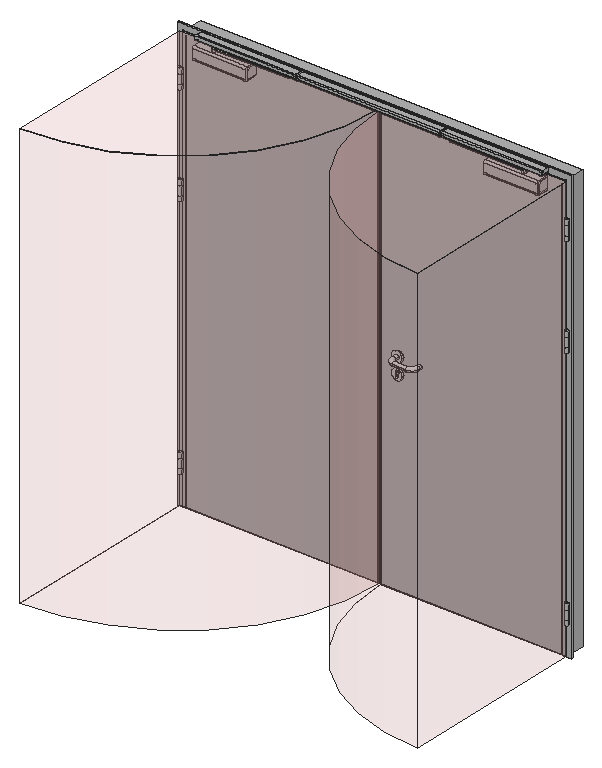
Revit family "ASSA ABLOY - ALPE Sp 30-2, double-leaf, angular frame", category Doors, host Wall, Revit 2021
Family settings
  Host = Wall
  OmniClass Number = 23.30.10.00
  OmniClass Title = Doors
  Always vertical = Yes
  Cut with Voids When Loaded = No
  Shared = No
  Room Calculation Point = No
Parameters (values of type "1800 x 2100 (1920 x 2140)")
  URL = "https://www.assaabloy.com/pl/pl"
  Type Comments = "Door leaf made of two pressed galvanised steel sheets 1,25mm thick. Filled with mineral wool glued to the sheets with polyurethane adhesive. Door with 3-sided thin rebate."
  Rough Width Real = Width Round + Rough Width Conversion + Rough Width Adjustment  # 1911.500 mm
  Rough Height Real = Height Round + Rough Height Conversion + Rough Height Adjustment  # 2134.000 mm
  Rough Width Conversion = 111.500 mm  # constant formula
  Rough Width Adjustment = 0.000 mm  # constant formula
  Rough Height Conversion = 34.000 mm  # constant formula
  Rough Height Adjustment = 0.000 mm  # constant formula
  Passive Symbol Radius [instance] = Passive Leaf Width + 13.500 mm  # 1001.000 mm
  Passive Leaf Width [instance] = Rough Width Real - Middle Post - 4.000 mm  # 987.500 mm
  Panic device Visibility [instance] = and(Active Leaf Width > 899.000 mm, Active Leaf Width < 1351.000 mm)  # yes
  Panic device Length [instance] = Middle Post - 227.000 mm  # 693.000 mm
  Opening Zone [instance] = yes
  Model = "Doorset_Steel door NFR or EI30, evacuation (EN 1125) - active leaf_ASSA ABLOY Opening Solutions_Hardware 3D"
  Middle Post [instance] = Active Leaf Clear Passage Width + 120.000 mm  # 920.000 mm
  Hinges Material = Default steel
  Handle Visibility [instance] = not(Panic device Visibility)  # no
  Handle Height = if(Height < 1300.000 mm, Height - 280.000 mm, 1055.000 mm)  # 1055.000 mm
  HW Item 9 = "1x TL0151BS: round rosette PZPZ, stainless steel_ASSA ABLOY"
  HW Item 8 = "1x TL4106SS: U-shape handle on round rosette, class 4 (EN1906), stainless steel_ASSA ABLOY"
  HW Item 10 = "1x 206253: Vercy door stopper, max 120 kg_ASSA ABLOY (option)"
  Guide Rail Length = Rough Width - 1194.300 mm  # 725.700 mm
  Frame Finish [instance] = ""
  Fire Rating NFR (0) = [Fire Rating - Set Value] = 0  # yes
  Fire Rating EI30 (1) = [Fire Rating - Set Value] = 1  # no
  Fire Rating - Set Value = 0
  Fire Rating = if([Fire Rating NFR (0)], "NFR", if([Fire Rating EI30 (1)], "EI30", "0"))  # "NFR"
  Width Round = roundup((Width / 5.000 mm)) * 5.000 mm  # 1800.000 mm
  Thickness = 54.000 mm  # constant formula
  Smoke Rating = "Sa, S200 (optional)"
  Rough Width = Width Round + 8.500 mm + Rough Width Conversion + Rough Width Adjustment  # 1920.000 mm
  Rough Height = Height Round + 6.000 mm + Rough Height Conversion + Rough Height Adjustment  # 2140.000 mm
  Readme = "The actual lintel height is consistent with the Rough Height parameter.\r\nThe final HW Set should be consistent with the function of the door and its  parameters.\r\nHardware mounted on door surface may affect the clear passage opening. For verification, please contact the specification department.\r\nFor the corner door frame installed in a steel structure and plasterboard walls, add 3 cm per each leaf to the width of the Rough Width opening.\r\nIf you would like to change panic device to another one, please contact the specification team to verify opening and new solution compatibility."
  Provider = "ASSA ABLOY Opening Solutions"
  Product Group = "Double-Steel-Evacuation (EN 1125)"
  Name = "Steel door NFR or EI30, evacuation (EN 1125) - active leaf"
  Min Door Width = 1250.000 mm
  Min Door Height = 2000.000 mm
  Mechanical Strength = 4
  Max Door Width = 2440.000 mm
  Max Door Height = 2500.000 mm
  Manufacturer = "ASSA ABLOY"  # constant formula
  IfcExportType = "USERDEFINED"
  IfcExportAs = "IfcDoorType"
  Height Round = roundup((Height / 5.000 mm)) * 5.000 mm  # 2100.000 mm
  Hardware Set = "2.9PL"
  HW Item 7 = "1x N2000: One System panic device (EN1125), type A (crossbar)_ASSA ABLOY"
  HW Item 6 = "1x SK6 Radius: euro profile cylinder_IKON"
  HW Item 5 = "1x N4572: central semi-automatic flush bolt _Corni (passive leaf)"
  HW Item 4 = "1x N11xx: mechanical, panic mortice lockcase_ASSA ABLOY"
  HW Item 3 = "2x A153: mechanical opening damper_ASSA ABLOY (option)"
  HW Item 2 = "1x G461: guide rail with integrated coordinator_ASSA ABLOY"
  HW Item 1 = "2x DC700/ DC500: door closer, Cam-Motion®_ASSA ABLOY"
  Function = Interior
  Height = 2100.000 mm
  Wall Closure = By host
  Width = 1800.000 mm
  Frame Type = "Welded steel corner frame, made of galvanised sheet 1,5mm thick."
  Frame Material = Default steel
  Family name = "2.9_DOORSET_ALPE Sp 30-2_DOUBLE-LEAF_CORNER FRAME_ASSA ABLOY PL"
  Environmental Product Declaration (EPD) = "To be confirmed with Provider"  # constant formula
  Environmental Management System = "To be confirmed with Provider"  # constant formula
  Edition number = "1"
  Door closer and Coordinator Visibility = and(Rough Width + 22.200 mm > 1350.000 mm, Rough Width + 22.200 mm < 3200.000 mm)  # yes
  Door Type = "ALPE Sp 30-2"
  Door Material = Default steel
  Door Finish Push Side [instance] = ""
  Door Finish Pull Side [instance] = ""
  Description = "ALPE Sp 30-2, door leaf made of two pressed galvanised steel sheets 1,25mm thick. Filled with mineral wool glued to the sheets with polyurethane adhesive. Door with 3-sided thin rebate. Stainless steel hinges with 3D regulation. Mechanical durability – class C5 according to PN-EN 16034:2014. Mechanical strength – class 4 according to PN-EN 1192:2001. Welded steel corner frame, made of galvanised sheet 1,5mm thick."
  Date of publishing = ""
  Contact Provider = "https://www.assaabloy.com/pl/pl/solutions/topics/bim-specification/contact"
  Brand = "ASSA ABLOY Mercor Doors Sp. z o. o."  # constant formula
  Author = "www.archispace.pl"
  Active Symbol Radius [instance] = Active Leaf Width + 13.500 mm  # 929.500 mm
  Active Leaf Width [instance] = Middle Post - 4.000 mm  # 916.000 mm
  Active Leaf Clear Passage Width = 800.000 mm
Reference planes
  plane 1: y = 0
  plane 2 "Center (Left/Right)": x = 0
  plane 3: z = 2134
  plane 4 "Exterior": y = 120
  plane 5 "Interior": y = -120
  plane 6: x = -955.75
  plane 7: x = 955.75
  plane 8: z = 2100
  plane 9: y = -129
  plane 10: x = 35.75
  plane 11: y = -74
  plane 12: y = -60
  plane 13: y = -22
  plane 14: y = -24.5
  plane 15: z = 2117
  plane 16: x = 938.35
  plane 17: x = -938.35
  plane 18: x = 921.75
  plane 19: x = -921.75
  plane 20: x = 17.05
  plane 21: x = 54.45
  plane 22: y = -137
  plane 23: x = -966.85
  plane 24: x = 966.85
  plane 25: z = 5
  plane 26: x = -960
  plane 27: x = 960
  plane 28: z = 2140
  plane 29: z = 2133
  plane 30: x = 119.45
  plane 31: z = 1055
  plane 32: x = -362.85
  plane 33: x = 362.85
  plane 34: z = 152.5
  plane 35: z = 176.5
  plane 36: z = 178
  plane 37: z = 222
  plane 38: z = 223.5
  plane 39: z = 247.5
  plane 40: z = 200
  plane 41: z = 1874.5
  plane 42: z = 1898.5
  plane 43: z = 1900
  plane 44: z = 1944
  plane 45: z = 1945.5
  plane 46: z = 1969.5
  plane 47: z = 1922
  plane 48: z = 1374.5
  plane 49: z = 1398.5
  plane 50: z = 1400
  plane 51: z = 1444
  plane 52: z = 1445.5
  plane 53: z = 1469.5
  plane 54: z = 1422
Forms (mm)
  Sweep 1, solid, material "Default steel" <- "Frame Material"
    path origin (0, -120, 0) x (1, 0, 0) y (0, 0, 1)
      loop
        line (-955.75, 0) -> (-955.75, 2134) -> (955.75, 2134) -> (955.75, 0)
    profile origin (-955.75, -120, 1067) x (-1, 0, 0) y (0, -1, 0)
      loop
        line (30, 0) -> (30, 9) -> (-12, 9) -> (-12, -60) -> (-19, -60) -> (-19, -46) -> (-34, -46) -> (-34, -98) -> (-8, -98) -> (-8, -95.5) -> (0, -95.5) -> (0, 0) -> (30, 0)
  Sweep 2, solid, material "Default steel" <- "Door Material"
    path origin (-5000, -120, 0) x (1, 0, 0) y (0, 0, 1)
      loop
        line (4061.65, 5) -> (4061.65, 2116.6) -> (5014.05, 2116.6) -> (5014.05, 5)
    profile origin (-462.15, -120, 2116.6) x (0, 0, 1) y (0, -1, 0)
      loop
        line (0, 12.4) -> (0, 10) -> (19, 10) -> (19, 12.4) -> (0, 12.4)
  Sweep 3, solid, material "Default steel" <- "Door Material"
    path origin (0, -120, 0) x (1, 0, 0) y (0, 0, 1)
      loop
        line (0, 5) -> (0, 2116.6)
    profile origin (0, -120, 1060.8) x (-1, 0, 0) y (0, -1, 0)
      loop
        line (938.35, -41.6) -> (938.35, 12.4) -> (-17.05, 12.4) -> (-17.05, -41.6) -> (938.35, -41.6)
  Sweep 4, solid, material "Opening zone", visible <- "Opening Zone"
    path origin (-5600, 0, 0) x (-1, 0, 0) y (0, 0, 1)
      loop
        line (-5600, 5) -> (-5600, 2133)
    profile origin (0, 0, 1069) x (1, 0, 0) y (0, 1, 0)
      loop
        line (-966.85, -137) -> (-966.85, -1138)
        arc (-966.85, -1138) -> (-259.036, -844.814) -> (34.15, -137) r 1001
        line (34.15, -137) -> (-966.85, -137)
  Sweep 5, solid, material "Default steel" <- "Frame Material"
    path origin (0, -120, 0) x (1, 0, 0) y (0, 0, 1)
      loop
        line (35.75, 5) -> (35.75, 2100)
    profile origin (35.75, -120, 1052.5) x (-1, 0, 0) y (0, -1, 0)
      loop
        line (18.7, 10) -> (6, 10) -> (-2, 7) -> (-13.3, 7) -> (-13.3, -43.2) -> (-20.8, -43.2) -> (-20.8, -54) -> (-35.8, -54) -> (-35.8, -43.2) -> (-38.3, -43.2) -> (-38.3, -57.6) -> (31.7, -57.6) -> (31.7, -41.6) -> (18.7, -41.6) -> (18.7, 10)
  Sweep 6, solid, material "Default steel" <- "Door Material"
    path origin (-4260, -120, 0) x (1, 0, 0) y (0, 0, 1)
      loop
        line (4317.45, 5) -> (4317.45, 2116.6) -> (5198.35, 2116.6) -> (5198.35, 5)
    profile origin (497.9, -120, 2116.6) x (0, 0, 1) y (0, -1, 0)
      loop
        line (0, 12.4) -> (0, 10) -> (19, 10) -> (19, 12.4) -> (0, 12.4)
  Sweep 7, solid, material "Default steel" <- "Door Material"
    path origin (740, -120, 0) x (1, 0, 0) y (0, 0, 1)
      loop
        line (-704.25, 5) -> (-704.25, 2116.6)
    profile origin (35.75, -120, 1060.8) x (-1, 0, 0) y (0, -1, 0)
      loop
        line (-902.6, -41.6) -> (-18.7, -41.6) -> (-18.7, 12.4) -> (-902.6, 12.4) -> (-902.6, -41.6)
  Sweep 8, solid, material "Opening zone", visible <- "Opening Zone"
    path origin (5600, 0, 0) x (1, 0, 0) y (0, 0, -1)
      loop
        line (-5600, -5) -> (-5600, -2133)
    profile origin (0, 0, 1069) x (1, 0, 0) y (0, 1, 0)
      loop
        line (966.85, -137) -> (37.35, -137)
        arc (37.35, -137) -> (309.594, -794.256) -> (966.85, -1066.5) r 929.5
        line (966.85, -1066.5) -> (966.85, -137)
  Sweep 9, solid, material "Default steel" <- "Hinges Material", detail levels fine
    path origin (-1265.65, -137, -600) x (-1, 0, 0) y (0, 0, 1)
      loop
        line (-2232.5, 776.5) -> (-2232.5, 752.5)
    profile origin (966.85, -137, 164.5) x (0, 1, 0) y (-1, 0, 0)
      loop
        circle (0, 0) r 9.5
  Sweep 10, solid, material "Default steel" <- "Hinges Material", detail levels fine
    path origin (-1265.65, -137, -600) x (-1, 0, 0) y (0, 0, 1)
      loop
        line (-2232.5, 847.5) -> (-2232.5, 823.5)
    profile origin (966.85, -137, 235.5) x (0, 1, 0) y (-1, 0, 0)
      loop
        circle (0, 0) r 9.5
  Sweep 11, solid, material "Default steel" <- "Hinges Material", detail levels fine
    path origin (-1265.65, -137, -600) x (-1, 0, 0) y (0, 0, 1)
      loop
        line (-2232.5, 822) -> (-2232.5, 778)
    profile origin (966.85, -137, 200) x (0, 1, 0) y (-1, 0, 0)
      loop
        circle (0, 0) r 9.5
  Sweep 12, solid, material "Default steel" <- "Hinges Material", detail levels fine
    path origin (-1265.65, -137, -600) x (-1, 0, 0) y (0, 0, 1)
      loop
        line (-2232.5, 823.5) -> (-2232.5, 822)
    profile origin (966.85, -137, 222.75) x (0, 1, 0) y (-1, 0, 0)
      loop
        circle (0, 0) r 6
  Sweep 13, solid, material "Default steel" <- "Hinges Material", detail levels fine
    path origin (-1265.65, -137, -600) x (-1, 0, 0) y (0, 0, 1)
      loop
        line (-2232.5, 778) -> (-2232.5, 776.5)
    profile origin (966.85, -137, 177.25) x (0, 1, 0) y (-1, 0, 0)
      loop
        circle (0, 0) r 6
  Sweep 14, solid, material "Default steel" <- "Hinges Material", detail levels fine
    path origin (-1265.65, -137, 1072.809) x (-1, 0, 0) y (0, 0, 1)
      loop
        line (-2232.5, 825.691) -> (-2232.5, 801.691)
    profile origin (966.85, -137, 1886.5) x (0, 1, 0) y (-1, 0, 0)
      loop
        circle (0, 0) r 9.5
  Sweep 15, solid, material "Default steel" <- "Hinges Material", detail levels fine
    path origin (-1265.65, -137, 1072.809) x (-1, 0, 0) y (0, 0, 1)
      loop
        line (-2232.5, 896.691) -> (-2232.5, 872.691)
    profile origin (966.85, -137, 1957.5) x (0, 1, 0) y (-1, 0, 0)
      loop
        circle (0, 0) r 9.5
  Sweep 16, solid, material "Default steel" <- "Hinges Material", detail levels fine
    path origin (-1265.65, -137, 1072.809) x (-1, 0, 0) y (0, 0, 1)
      loop
        line (-2232.5, 871.191) -> (-2232.5, 827.191)
    profile origin (966.85, -137, 1922) x (0, 1, 0) y (-1, 0, 0)
      loop
        circle (0, 0) r 9.5
  Sweep 17, solid, material "Default steel" <- "Hinges Material", detail levels fine
    path origin (-1265.65, -137, 1072.809) x (-1, 0, 0) y (0, 0, 1)
      loop
        line (-2232.5, 872.691) -> (-2232.5, 871.191)
    profile origin (966.85, -137, 1944.75) x (0, 1, 0) y (-1, 0, 0)
      loop
        circle (0, 0) r 6
  Sweep 18, solid, material "Default steel" <- "Hinges Material", detail levels fine
    path origin (-1265.65, -137, 1072.809) x (-1, 0, 0) y (0, 0, 1)
      loop
        line (-2232.5, 827.191) -> (-2232.5, 825.691)
    profile origin (966.85, -137, 1899.25) x (0, 1, 0) y (-1, 0, 0)
      loop
        circle (0, 0) r 6
  Sweep 19, solid, material "Default steel" <- "Hinges Material", detail levels fine
    path origin (-1265.65, -137, 572.809) x (-1, 0, 0) y (0, 0, 1)
      loop
        line (-2232.5, 825.691) -> (-2232.5, 801.691)
    profile origin (966.85, -137, 1386.5) x (0, 1, 0) y (-1, 0, 0)
      loop
        circle (0, 0) r 9.5
  Sweep 20, solid, material "Default steel" <- "Hinges Material", detail levels fine
    path origin (-1265.65, -137, 572.809) x (-1, 0, 0) y (0, 0, 1)
      loop
        line (-2232.5, 896.691) -> (-2232.5, 872.691)
    profile origin (966.85, -137, 1457.5) x (0, 1, 0) y (-1, 0, 0)
      loop
        circle (0, 0) r 9.5
  Sweep 21, solid, material "Default steel" <- "Hinges Material", detail levels fine
    path origin (-1265.65, -137, 572.809) x (-1, 0, 0) y (0, 0, 1)
      loop
        line (-2232.5, 871.191) -> (-2232.5, 827.191)
    profile origin (966.85, -137, 1422) x (0, 1, 0) y (-1, 0, 0)
      loop
        circle (0, 0) r 9.5
  Sweep 22, solid, material "Default steel" <- "Hinges Material", detail levels fine
    path origin (-1265.65, -137, 572.809) x (-1, 0, 0) y (0, 0, 1)
      loop
        line (-2232.5, 872.691) -> (-2232.5, 871.191)
    profile origin (966.85, -137, 1444.75) x (0, 1, 0) y (-1, 0, 0)
      loop
        circle (0, 0) r 6
  Sweep 23, solid, material "Default steel" <- "Hinges Material", detail levels fine
    path origin (-1265.65, -137, 572.809) x (-1, 0, 0) y (0, 0, 1)
      loop
        line (-2232.5, 827.191) -> (-2232.5, 825.691)
    profile origin (966.85, -137, 1399.25) x (0, 1, 0) y (-1, 0, 0)
      loop
        circle (0, 0) r 6
  Sweep 24, solid, material "Default steel" <- "Hinges Material", detail levels fine
    path origin (-2649.35, -137, -600) x (-1, 0, 0) y (0, 0, 1)
      loop
        line (-1682.5, 776.5) -> (-1682.5, 752.5)
    profile origin (-966.85, -137, 164.5) x (0, 1, 0) y (-1, 0, 0)
      loop
        circle (0, 0) r 9.5
  Sweep 25, solid, material "Default steel" <- "Hinges Material", detail levels fine
    path origin (-2649.35, -137, -600) x (-1, 0, 0) y (0, 0, 1)
      loop
        line (-1682.5, 847.5) -> (-1682.5, 823.5)
    profile origin (-966.85, -137, 235.5) x (0, 1, 0) y (-1, 0, 0)
      loop
        circle (0, 0) r 9.5
  Sweep 26, solid, material "Default steel" <- "Hinges Material", detail levels fine
    path origin (-2649.35, -137, -600) x (-1, 0, 0) y (0, 0, 1)
      loop
        line (-1682.5, 822) -> (-1682.5, 778)
    profile origin (-966.85, -137, 200) x (0, 1, 0) y (-1, 0, 0)
      loop
        circle (0, 0) r 9.5
  Sweep 27, solid, material "Default steel" <- "Hinges Material", detail levels fine
    path origin (-2649.35, -137, -600) x (-1, 0, 0) y (0, 0, 1)
      loop
        line (-1682.5, 823.5) -> (-1682.5, 822)
    profile origin (-966.85, -137, 222.75) x (0, 1, 0) y (-1, 0, 0)
      loop
        circle (0, 0) r 6
  Sweep 28, solid, material "Default steel" <- "Hinges Material", detail levels fine
    path origin (-2649.35, -137, -600) x (-1, 0, 0) y (0, 0, 1)
      loop
        line (-1682.5, 778) -> (-1682.5, 776.5)
    profile origin (-966.85, -137, 177.25) x (0, 1, 0) y (-1, 0, 0)
      loop
        circle (0, 0) r 6
  Sweep 29, solid, material "Default steel" <- "Hinges Material", detail levels fine
    path origin (-2649.35, -137, 1072.809) x (-1, 0, 0) y (0, 0, 1)
      loop
        line (-1682.5, 825.691) -> (-1682.5, 801.691)
    profile origin (-966.85, -137, 1886.5) x (0, 1, 0) y (-1, 0, 0)
      loop
        circle (0, 0) r 9.5
  Sweep 30, solid, material "Default steel" <- "Hinges Material", detail levels fine
    path origin (-2649.35, -137, 1072.809) x (-1, 0, 0) y (0, 0, 1)
      loop
        line (-1682.5, 896.691) -> (-1682.5, 872.691)
    profile origin (-966.85, -137, 1957.5) x (0, 1, 0) y (-1, 0, 0)
      loop
        circle (0, 0) r 9.5
  Sweep 31, solid, material "Default steel" <- "Hinges Material", detail levels fine
    path origin (-2649.35, -137, 1072.809) x (-1, 0, 0) y (0, 0, 1)
      loop
        line (-1682.5, 871.191) -> (-1682.5, 827.191)
    profile origin (-966.85, -137, 1922) x (0, 1, 0) y (-1, 0, 0)
      loop
        circle (0, 0) r 9.5
  Sweep 32, solid, material "Default steel" <- "Hinges Material", detail levels fine
    path origin (-2649.35, -137, 1072.809) x (-1, 0, 0) y (0, 0, 1)
      loop
        line (-1682.5, 872.691) -> (-1682.5, 871.191)
    profile origin (-966.85, -137, 1944.75) x (0, 1, 0) y (-1, 0, 0)
      loop
        circle (0, 0) r 6
  Sweep 33, solid, material "Default steel" <- "Hinges Material", detail levels fine
    path origin (-2649.35, -137, 1072.809) x (-1, 0, 0) y (0, 0, 1)
      loop
        line (-1682.5, 827.191) -> (-1682.5, 825.691)
    profile origin (-966.85, -137, 1899.25) x (0, 1, 0) y (-1, 0, 0)
      loop
        circle (0, 0) r 6
  Sweep 34, solid, material "Default steel" <- "Hinges Material", detail levels fine
    path origin (-2649.35, -137, 572.809) x (-1, 0, 0) y (0, 0, 1)
      loop
        line (-1682.5, 825.691) -> (-1682.5, 801.691)
    profile origin (-966.85, -137, 1386.5) x (0, 1, 0) y (-1, 0, 0)
      loop
        circle (0, 0) r 9.5
  Sweep 35, solid, material "Default steel" <- "Hinges Material", detail levels fine
    path origin (-2649.35, -137, 572.809) x (-1, 0, 0) y (0, 0, 1)
      loop
        line (-1682.5, 896.691) -> (-1682.5, 872.691)
    profile origin (-966.85, -137, 1457.5) x (0, 1, 0) y (-1, 0, 0)
      loop
        circle (0, 0) r 9.5
  Sweep 36, solid, material "Default steel" <- "Hinges Material", detail levels fine
    path origin (-2649.35, -137, 572.809) x (-1, 0, 0) y (0, 0, 1)
      loop
        line (-1682.5, 871.191) -> (-1682.5, 827.191)
    profile origin (-966.85, -137, 1422) x (0, 1, 0) y (-1, 0, 0)
      loop
        circle (0, 0) r 9.5
  Sweep 37, solid, material "Default steel" <- "Hinges Material", detail levels fine
    path origin (-2649.35, -137, 572.809) x (-1, 0, 0) y (0, 0, 1)
      loop
        line (-1682.5, 872.691) -> (-1682.5, 871.191)
    profile origin (-966.85, -137, 1444.75) x (0, 1, 0) y (-1, 0, 0)
      loop
        circle (0, 0) r 6
  Sweep 38, solid, material "Default steel" <- "Hinges Material", detail levels fine
    path origin (-2649.35, -137, 572.809) x (-1, 0, 0) y (0, 0, 1)
      loop
        line (-1682.5, 827.191) -> (-1682.5, 825.691)
    profile origin (-966.85, -137, 1399.25) x (0, 1, 0) y (-1, 0, 0)
      loop
        circle (0, 0) r 6
Cuts and joins
  joined: Sweep 2, Sweep 3
  joined: Sweep 1, Sweep 5
  joined: Sweep 6, Sweep 7
Lines and regions (mm)
  Masking region 1, detail levels fine
    outline origin (-1132.682, -300, 2037) x (-1, 0, 0) y (0, -1, 0)
      loop
        line (-210.932, -226) -> (-210.932, -278) -> (-184.932, -278) -> (-184.932, -275.5) -> (-176.932, -275.5) -> (-176.932, -180) -> (-146.932, -180) -> (-146.932, -171) -> (-188.932, -171) -> (-188.932, -240) -> (-195.932, -240) -> (-195.932, -226) -> (-210.932, -226)
      loop
        line (-2054.432, -226) -> (-2069.432, -226) -> (-2069.432, -240) -> (-2076.432, -240) -> (-2076.432, -171) -> (-2118.432, -171) -> (-2118.432, -180) -> (-2088.432, -180) -> (-2088.432, -275.5) -> (-2080.432, -275.5) -> (-2080.432, -278) -> (-2054.432, -278) -> (-2054.432, -226)
  Masking region 2, detail levels medium
    outline origin (-1132.682, -300, 2037) x (-1, 0, 0) y (0, -1, 0)
      loop
        line (-210.932, -171) -> (-210.932, -278) -> (-176.932, -278) -> (-176.932, -180) -> (-146.932, -180) -> (-146.932, -171) -> (-210.932, -171)
      loop
        line (-2054.432, -171) -> (-2118.432, -171) -> (-2118.432, -180) -> (-2088.432, -180) -> (-2088.432, -278) -> (-2054.432, -278) -> (-2054.432, -171)
  Masking region 3, detail levels fine
    outline origin (-1132.682, -300, 2037) x (-1, 0, 0) y (0, -1, 0)
      loop
        circle (-165.832, -163) r 9.5
      loop
        circle (-2099.532, -163) r 9.5
  Opening 1
    outline origin (-5000, -120, 0) x (1, 0, 0) y (0, 0, 1)
      loop
        line (4040, 2140) -> (4040, 0) -> (5960, 0) -> (5960, 2140) -> (4040, 2140)
  symbolic lines, style "Elevation Swing"
    curve 1: line (32.75, -120, 1067) -> (-921.75, -120, 2100)
    curve 2: line (32.75, -120, 1067) -> (-921.75, -120, 5)
    curve 3: line (38.75, -120, 1067) -> (921.75, -120, 2100)
    curve 4: line (38.75, -120, 1067) -> (921.75, -120, 5)
Text (mm)
  text "Exterior" at (-1376.75, 1099.543, 0), in view "Ref. Level"
  text "Exterior" at (0, 1615.38, 3698.081), in view "Left"
  text "Exterior" at (0, 1036.032, 3874.932), in view "Right"
Dimensions and locks
  "Rough Height Real": plane 3 to host wall
  equal spacing: host wall, curve 2, plane 3
  host wall to plane 3 = 2134.000 mm
  locked: plane 4 "Exterior" to host wall
  locked: plane 5 "Interior" to host wall
  equal spacing: plane 6, plane 2 "Center (Left/Right)", plane 7
  "Rough Width Real": plane 6 to plane 7
  "Height": plane 8 to level
  locked: Masking region 1 sketch curve to plane 6 at 30
  locked: plane 6 to Masking region 1 sketch curve at 12
  locked: plane 9 to plane 5 "Interior" at 9
  locked: plane 11 to plane 12 at 14
  locked: plane 12 to plane 14 at 35.5
  locked: plane 13 to plane 14 at 2.5
  locked: plane 6 to Masking region 1 sketch curve at 8
  locked: plane 6 to Masking region 1 sketch curve at 19
  locked: Masking region 2 sketch curve to plane 6 at 30
  locked: plane 7 to Masking region 2 sketch curve at 30
  locked: plane 7 to Masking region 1 sketch curve at 30
  locked: Masking region 1 sketch curve to plane 7 at 12
  locked: Masking region 1 sketch curve to plane 7 at 8
  locked: plane 6 to plane 17 at 17.4
  locked: plane 16 to plane 7 at 17.4
  locked: plane 3 to plane 15 at 17
  locked: plane 18 to plane 7 at 34
  locked: plane 6 to plane 19 at 34
  locked: plane 20 to plane 10 at 18.7
  locked: plane 10 to plane 21 at 18.7
  "Middle Post": plane 10 to plane 7
  locked: plane 22 to plane 5 "Interior" at 17
  locked: plane 18 to plane 24 at 45.1
  locked: plane 23 to plane 19 at 45.1
  equal spacing: plane 3, curve 4, level
  locked: plane 25 to level at 5
  equal spacing: plane 26, plane 2 "Center (Left/Right)", plane 27
  "Rough Width": plane 26 to plane 27
  "Rough Height": plane 28 to level
  locked: plane 3 to plane 29 at 1
  locked: plane 9 to plane 13 at 107
  plane 22 to nested 1 = 9.500 mm
  locked: Sweep 2 sketch curve to profile plane at 10
  cut or joined group of Sweep 2, Sweep 3 to plane 5 "Interior" = 12.400 mm
  locked: Sweep 3 sketch curve to Sweep 3 sketch curve at 54
  locked: plane 22 to Sweep 6 sketch curve at 4.6
  locked: Sweep 6 sketch curve to Sweep 6 sketch curve at 2.4
  locked: Sweep 7 sketch curve to plane 22 at 4.6
  locked: Sweep 7 sketch curve to Sweep 7 sketch curve at 54
  locked: plane 15 to Sweep 3 sketch curve at 0.4
  locked: Sweep 2 sketch curve to plane 15 at 0.4
  locked: Sweep 2 sketch curve to Sweep 2 sketch curve at 19
  locked: plane 15 to Sweep 7 sketch curve at 0.4
  locked: Sweep 6 sketch curve to Sweep 6 sketch curve at 19
  locked: Sweep 2 sketch curve to plane 20 at 3
  locked: Sweep 6 sketch curve to plane 21 at 3
  locked: plane 15 to Sweep 6 sketch curve at 0.4
  locked: plane 20 to Sweep 5 sketch curve at 32
  locked: Sweep 5 sketch curve to Sweep 5 sketch curve at 16
  locked: Sweep 5 sketch curve to plane 20 at 13
  locked: Sweep 5 sketch curve to Sweep 5 sketch curve at 25
  plane 7 to plane 24 = 11.100 mm
  locked: nested 1 to plane 24 at 4.6
  plane 20 to plane 21 = 37.400 mm
  locked: Masking region 1 sketch curve to Masking region 1 sketch curve at 7
  locked: plane 23 to nested 2 at 100
  locked: plane 21 to plane 30 at 65
  "Handle Height": plane 31 to level
  locked: plane 31 to nested 4 at 80
  locked: cut or joined group of Sweep 1, Sweep 5 to nested 2 at 2.7
  locked: plane 6 to plane 32 at 592.9
  locked: cut or joined group of Sweep 1, Sweep 5 to nested 3 at 2.7
  locked: nested 5 to plane 24 at 100
  locked: plane 33 to plane 7 at 592.9
  locked: cut or joined group of Sweep 1, Sweep 5 to nested 5 at 2.7
  plane 39 to plane 38 to plane 37 to plane 36 to plane 35 to plane 34 = 24.000 mm locked, 1.500 mm locked, 44.000 mm locked, 1.500 mm locked, 24.000 mm locked
  locked: plane 37 to plane 40 at 22
  plane 40 to level = 200.000 mm
  plane 46 to plane 45 to plane 44 to plane 43 to plane 42 to plane 41 = 24.000 mm locked, 1.500 mm locked, 44.000 mm locked, 1.500 mm locked, 24.000 mm locked
  locked: plane 44 to plane 47 at 22
  locked: plane 8 to plane 47 at 178
  plane 53 to plane 52 to plane 51 to plane 50 to plane 49 to plane 48 = 24.000 mm locked, 1.500 mm locked, 44.000 mm locked, 1.500 mm locked, 24.000 mm locked
  locked: plane 51 to plane 54 at 22
  locked: plane 47 to plane 54 at 500
  plane 23 to plane 24 = 1933.700 mm
  "Passive Symbol Radius": radius of Sweep 4 sketch curve
  "Active Symbol Radius": radius of Sweep 8 sketch curve
  aligned and locked: plane 1 to host wall
  aligned and locked: level to Sweep 1 sketch curve  (x2)
  aligned and locked: Sweep 1 sketch curve to plane 6
  aligned and locked: plane 7 to Sweep 1 sketch curve
  aligned and locked: plane 2 "Center (Left/Right)" to Sweep 3 sketch curve
  aligned and locked: nested 1 to plane 2 "Center (Left/Right)"
  aligned and locked: plane 5 "Interior" to Masking region 1 sketch curve
  aligned and locked: Masking region 1 sketch curve to plane 6
  aligned and locked: plane 9 to Masking region 1 sketch curve  (x2)
  aligned and locked: Masking region 1 sketch curve to plane 11
  aligned and locked: plane 12 to Masking region 1 sketch curve  (x2)
  aligned and locked: plane 14 to Masking region 1 sketch curve  (x2)
  aligned and locked: Masking region 1 sketch curve to plane 13
  aligned and locked: plane 9 to Masking region 2 sketch curve  (x2)
  aligned and locked: Masking region 2 sketch curve to plane 13
  aligned and locked: plane 13 to Masking region 2 sketch curve
  aligned and locked: Masking region 2 sketch curve to plane 7
  aligned and locked: Masking region 1 sketch curve to plane 5 "Interior"
  aligned and locked: plane 11 to Masking region 1 sketch curve
  aligned and locked: plane 13 to Masking region 1 sketch curve
  aligned and locked: plane 3 to Sweep 1 sketch curve
  aligned and locked: Sweep 3 sketch curve to plane 17
  aligned and locked: Sweep 5 sketch curve to plane 10
  aligned and locked: plane 20 to Sweep 3 sketch curve
  aligned and locked: Sweep 7 sketch curve to plane 10
  aligned and locked: Sweep 7 sketch curve to plane 21
  aligned and locked: plane 16 to Sweep 7 sketch curve
  aligned and locked: Sweep 6 sketch curve to plane 16
  aligned and locked: plane 5 "Interior" to nested 1
  aligned and locked: Sweep 4 sketch curve to plane 22
  aligned and locked: plane 23 to Sweep 4 sketch curve
  aligned and locked: plane 2 "Center (Left/Right)" to Sweep 8 sketch curve
  aligned and locked: plane 22 to Sweep 8 sketch curve
  aligned and locked: Sweep 8 sketch curve to plane 24
  aligned and locked: plane 25 to Sweep 5 sketch curve
  aligned and locked: level to Opening 1 sketch curve
  aligned and locked: Opening 1 sketch curve to plane 26
  aligned and locked: Opening 1 sketch curve to plane 27
  aligned and locked: plane 8 to Sweep 5 sketch curve
  aligned and locked: Opening 1 sketch curve to plane 28
  aligned and locked: plane 25 to Sweep 2 sketch curve  (x2)
  aligned and locked: plane 25 to Sweep 6 sketch curve  (x2)
  aligned and locked: plane 29 to Sweep 8 sketch curve
  aligned and locked: plane 25 to Sweep 8 sketch curve
  aligned and locked: plane 29 to Sweep 4 sketch curve
  aligned and locked: plane 25 to Sweep 4 sketch curve
  aligned and locked: plane 2 "Center (Left/Right)" to Sweep 4 sketch curve
  aligned and locked: plane 8 to curve 1
  aligned and locked: plane 19 to curve 1
  aligned and locked: plane 18 to curve 3
  aligned and locked: plane 8 to curve 3
  aligned and locked: plane 19 to curve 2
  aligned and locked: plane 25 to curve 2
  aligned and locked: plane 18 to curve 4
  aligned and locked: plane 25 to curve 4
  aligned and locked: Masking region 1 sketch curve to plane 19
  aligned and locked: plane 22 to Masking region 3 sketch curve  (x2)
  aligned and locked: plane 24 to Masking region 3 sketch curve
  aligned and locked: plane 14 to Sweep 1 sketch curve
  aligned and locked: Sweep 1 sketch curve to plane 19
  aligned and locked: Sweep 1 sketch curve to plane 13
  aligned and locked: Sweep 1 sketch curve to Masking region 1  (x2)
  aligned and locked: Sweep 1 sketch curve to plane 12
  aligned and locked: Sweep 1 sketch curve to plane 11
  aligned and locked: cut or joined group of Sweep 2, Sweep 3 to Sweep 5 sketch curve
  aligned and locked: plane 23 to Masking region 3 sketch curve
  aligned and locked: plane 25 to Sweep 3 sketch curve
  aligned and locked: plane 25 to Sweep 7 sketch curve
  aligned and locked: Sweep 2 sketch curve to plane 17
  aligned and locked: Sweep 5 sketch curve to plane 20
  aligned and locked: Masking region 2 sketch curve to plane 19
  aligned and locked: plane 18 to Masking region 2 sketch curve
  aligned and locked: plane 30 to nested 4
  aligned and locked: nested 4 to cut or joined group of Sweep 6, Sweep 7
  aligned and locked: plane 9 to nested 2
  aligned and locked: plane 32 to nested 3
  aligned and locked: nested 3 to cut or joined group of Sweep 1, Sweep 5
  aligned and locked: nested 6 to plane 30
  aligned and locked: nested 6 to cut or joined group of Sweep 6, Sweep 7
  aligned and locked: nested 5 to cut or joined group of Sweep 6, Sweep 7
  aligned and locked: nested 6 to plane 31
  aligned and locked: plane 30 to nested 7
  aligned and locked: nested 7 to plane 31
  aligned and locked: nested 7 to cut or joined group of Sweep 6, Sweep 7
  aligned and locked: plane 39 to Sweep 10 sketch curve
  aligned and locked: plane 38 to Sweep 10 sketch curve
  aligned and locked: plane 38 to Sweep 12 sketch curve
  aligned and locked: plane 37 to Sweep 12 sketch curve
  aligned and locked: plane 37 to Sweep 11 sketch curve
  aligned and locked: plane 36 to Sweep 11 sketch curve
  aligned and locked: plane 36 to Sweep 13 sketch curve
  aligned and locked: plane 35 to Sweep 13 sketch curve
  aligned and locked: plane 35 to Sweep 9 sketch curve
  aligned and locked: plane 34 to Sweep 9 sketch curve
  aligned and locked: plane 46 to Sweep 15 sketch curve
  aligned and locked: plane 45 to Sweep 15 sketch curve
  aligned and locked: plane 45 to Sweep 17 sketch curve
  aligned and locked: plane 44 to Sweep 17 sketch curve
  aligned and locked: plane 44 to Sweep 16 sketch curve
  aligned and locked: plane 43 to Sweep 16 sketch curve
  aligned and locked: plane 43 to Sweep 18 sketch curve
  aligned and locked: plane 42 to Sweep 18 sketch curve
  aligned and locked: plane 42 to Sweep 14 sketch curve
  aligned and locked: plane 41 to Sweep 14 sketch curve
  aligned and locked: plane 53 to Sweep 20 sketch curve
  aligned and locked: plane 52 to Sweep 20 sketch curve
  aligned and locked: plane 52 to Sweep 22 sketch curve
  aligned and locked: plane 51 to Sweep 22 sketch curve
  aligned and locked: plane 51 to Sweep 21 sketch curve
  aligned and locked: plane 50 to Sweep 21 sketch curve
  aligned and locked: plane 50 to Sweep 23 sketch curve
  aligned and locked: plane 49 to Sweep 23 sketch curve
  aligned and locked: plane 49 to Sweep 19 sketch curve
  aligned and locked: plane 48 to Sweep 19 sketch curve
Automatic sketch dimensions
  plane 10 to curve 2 = 3.000 mm
  plane 5 "Interior" to Sweep 1 sketch curve = 0.000 mm
  Sweep 1 sketch curve to profile plane = 0.000 mm
  Sweep 1 sketch curve to Sweep 1 sketch curve = 7.000 mm
  plane 5 "Interior" to Sweep 1 sketch curve = 9.000 mm
  Sweep 1 sketch curve to profile plane = 30.000 mm
  curve 3 to plane 10 = 3.000 mm
  profile plane to Sweep 2 sketch curve = 0.000 mm
  Sweep 2 sketch curve to Sweep 2 sketch curve = 2.400 mm
  Sweep 3 sketch curve to plane 5 "Interior" = 41.600 mm
  Masking region 1 sketch curve to plane 7 = 0.000 mm
  Masking region 1 sketch curve to plane 18 = 0.000 mm
  Masking region 2 sketch curve to plane 6 = 0.000 mm
  host wall to Masking region 2 sketch curve = 0.000 mm  (x2)
  Sweep 5 sketch curve to Sweep 5 sketch curve = 2.500 mm
  Sweep 5 sketch curve to Sweep 5 sketch curve = 7.500 mm
  profile plane to Sweep 5 sketch curve = 2.000 mm
  Sweep 5 sketch curve to profile plane = 6.000 mm
  Sweep 5 sketch curve to Sweep 5 sketch curve = 3.600 mm
  Sweep 5 sketch curve to Sweep 5 sketch curve = 10.800 mm  (x2)
  plane 5 "Interior" to Sweep 5 sketch curve = 7.000 mm
  Sweep 5 sketch curve to Sweep 5 sketch curve = 3.000 mm
  profile plane to Sweep 6 sketch curve = 0.000 mm
  Sweep 9 sketch curve to plane 24 = 0.000 mm
  Sweep 9 sketch curve to Sweep 9 sketch curve = 0.000 mm  (x2)
  Sweep 9 sketch curve to plane 22 = 0.000 mm
  Sweep 9 sketch curve to profile plane = 0.000 mm
  Sweep 9 sketch curve to Sweep 9 sketch curve = 9.500 mm
  Sweep 10 sketch curve to plane 24 = 0.000 mm
  Sweep 10 sketch curve to Sweep 10 sketch curve = 0.000 mm  (x2)
  Sweep 10 sketch curve to plane 22 = 0.000 mm
  Sweep 10 sketch curve to profile plane = 0.000 mm
  Sweep 10 sketch curve to Sweep 10 sketch curve = 9.500 mm
  Sweep 11 sketch curve to plane 24 = 0.000 mm
  Sweep 11 sketch curve to Sweep 11 sketch curve = 0.000 mm  (x2)
  Sweep 11 sketch curve to plane 22 = 0.000 mm
  Sweep 11 sketch curve to profile plane = 0.000 mm
  Sweep 11 sketch curve to Sweep 11 sketch curve = 9.500 mm
  Sweep 12 sketch curve to plane 24 = 0.000 mm
  Sweep 12 sketch curve to Sweep 12 sketch curve = 0.000 mm  (x2)
  Sweep 12 sketch curve to plane 22 = 0.000 mm
  Sweep 12 sketch curve to profile plane = 0.000 mm
  profile plane to Sweep 12 sketch curve = 6.000 mm
  Sweep 13 sketch curve to plane 24 = 0.000 mm
  Sweep 13 sketch curve to Sweep 13 sketch curve = 0.000 mm  (x2)
  Sweep 13 sketch curve to plane 22 = 0.000 mm
  Sweep 13 sketch curve to profile plane = 0.000 mm
  profile plane to Sweep 13 sketch curve = 6.000 mm
  Sweep 14 sketch curve to plane 24 = 0.000 mm
  Sweep 14 sketch curve to Sweep 14 sketch curve = 0.000 mm  (x2)
  Sweep 14 sketch curve to plane 22 = 0.000 mm
  Sweep 14 sketch curve to profile plane = 0.000 mm
  Sweep 14 sketch curve to Sweep 14 sketch curve = 9.500 mm
  Sweep 15 sketch curve to plane 24 = 0.000 mm
  Sweep 15 sketch curve to Sweep 15 sketch curve = 0.000 mm  (x2)
  Sweep 15 sketch curve to plane 22 = 0.000 mm
  Sweep 15 sketch curve to profile plane = 0.000 mm
  Sweep 15 sketch curve to Sweep 15 sketch curve = 9.500 mm
  Sweep 16 sketch curve to plane 24 = 0.000 mm
  Sweep 16 sketch curve to Sweep 16 sketch curve = 0.000 mm  (x2)
  Sweep 16 sketch curve to plane 22 = 0.000 mm
  Sweep 16 sketch curve to profile plane = 0.000 mm
  Sweep 16 sketch curve to Sweep 16 sketch curve = 9.500 mm
  Sweep 17 sketch curve to plane 24 = 0.000 mm
  Sweep 17 sketch curve to Sweep 17 sketch curve = 0.000 mm  (x2)
  Sweep 17 sketch curve to plane 22 = 0.000 mm
  Sweep 17 sketch curve to profile plane = 0.000 mm
  profile plane to Sweep 17 sketch curve = 6.000 mm
  Sweep 18 sketch curve to plane 24 = 0.000 mm
  Sweep 18 sketch curve to Sweep 18 sketch curve = 0.000 mm  (x2)
  Sweep 18 sketch curve to plane 22 = 0.000 mm
  Sweep 18 sketch curve to profile plane = 0.000 mm
  profile plane to Sweep 18 sketch curve = 6.000 mm
  Sweep 19 sketch curve to plane 24 = 0.000 mm
  Sweep 19 sketch curve to Sweep 19 sketch curve = 0.000 mm  (x2)
  Sweep 19 sketch curve to plane 22 = 0.000 mm
  Sweep 19 sketch curve to profile plane = 0.000 mm
  Sweep 19 sketch curve to Sweep 19 sketch curve = 9.500 mm
  Sweep 20 sketch curve to plane 24 = 0.000 mm
  Sweep 20 sketch curve to Sweep 20 sketch curve = 0.000 mm  (x2)
  Sweep 20 sketch curve to plane 22 = 0.000 mm
  Sweep 20 sketch curve to profile plane = 0.000 mm
  Sweep 20 sketch curve to Sweep 20 sketch curve = 9.500 mm
  Sweep 21 sketch curve to plane 24 = 0.000 mm
  Sweep 21 sketch curve to Sweep 21 sketch curve = 0.000 mm  (x2)
  Sweep 21 sketch curve to plane 22 = 0.000 mm
  Sweep 21 sketch curve to profile plane = 0.000 mm
  Sweep 21 sketch curve to Sweep 21 sketch curve = 9.500 mm
  Sweep 22 sketch curve to plane 24 = 0.000 mm
  Sweep 22 sketch curve to Sweep 22 sketch curve = 0.000 mm  (x2)
  Sweep 22 sketch curve to plane 22 = 0.000 mm
  Sweep 22 sketch curve to profile plane = 0.000 mm
  profile plane to Sweep 22 sketch curve = 6.000 mm
  Sweep 23 sketch curve to plane 24 = 0.000 mm
  Sweep 23 sketch curve to Sweep 23 sketch curve = 0.000 mm  (x2)
  Sweep 23 sketch curve to plane 22 = 0.000 mm
  Sweep 23 sketch curve to profile plane = 0.000 mm
  profile plane to Sweep 23 sketch curve = 6.000 mm
  plane 23 to Sweep 24 sketch curve = 0.000 mm
  Sweep 24 sketch curve to plane 34 = 0.000 mm
  Sweep 24 sketch curve to plane 35 = 0.000 mm
  Sweep 24 sketch curve to Sweep 24 sketch curve = 0.000 mm  (x2)
  Sweep 24 sketch curve to plane 22 = 0.000 mm
  Sweep 24 sketch curve to profile plane = 0.000 mm
  Sweep 24 sketch curve to Sweep 24 sketch curve = 9.500 mm
  plane 23 to Sweep 25 sketch curve = 0.000 mm
  Sweep 25 sketch curve to plane 38 = 0.000 mm
  Sweep 25 sketch curve to plane 39 = 0.000 mm
  Sweep 25 sketch curve to Sweep 25 sketch curve = 0.000 mm  (x2)
  Sweep 25 sketch curve to plane 22 = 0.000 mm
  Sweep 25 sketch curve to profile plane = 0.000 mm
  Sweep 25 sketch curve to Sweep 25 sketch curve = 9.500 mm
  plane 23 to Sweep 26 sketch curve = 0.000 mm
  Sweep 26 sketch curve to plane 36 = 0.000 mm
  Sweep 26 sketch curve to plane 37 = 0.000 mm
  Sweep 26 sketch curve to Sweep 26 sketch curve = 0.000 mm  (x2)
  Sweep 26 sketch curve to plane 22 = 0.000 mm
  Sweep 26 sketch curve to profile plane = 0.000 mm
  Sweep 26 sketch curve to Sweep 26 sketch curve = 9.500 mm
  plane 23 to Sweep 27 sketch curve = 0.000 mm
  Sweep 27 sketch curve to plane 37 = 0.000 mm
  Sweep 27 sketch curve to plane 38 = 0.000 mm
  Sweep 27 sketch curve to Sweep 27 sketch curve = 0.000 mm  (x2)
  Sweep 27 sketch curve to plane 22 = 0.000 mm
  Sweep 27 sketch curve to profile plane = 0.000 mm
  profile plane to Sweep 27 sketch curve = 6.000 mm
  plane 23 to Sweep 28 sketch curve = 0.000 mm
  Sweep 28 sketch curve to plane 35 = 0.000 mm
  Sweep 28 sketch curve to plane 36 = 0.000 mm
  Sweep 28 sketch curve to Sweep 28 sketch curve = 0.000 mm  (x2)
  Sweep 28 sketch curve to plane 22 = 0.000 mm
  Sweep 28 sketch curve to profile plane = 0.000 mm
  profile plane to Sweep 28 sketch curve = 6.000 mm
  plane 23 to Sweep 29 sketch curve = 0.000 mm
  Sweep 29 sketch curve to plane 41 = 0.000 mm
  Sweep 29 sketch curve to plane 42 = 0.000 mm
  Sweep 29 sketch curve to Sweep 29 sketch curve = 0.000 mm  (x2)
  Sweep 29 sketch curve to plane 22 = 0.000 mm
  Sweep 29 sketch curve to profile plane = 0.000 mm
  Sweep 29 sketch curve to Sweep 29 sketch curve = 9.500 mm
  plane 23 to Sweep 30 sketch curve = 0.000 mm
  Sweep 30 sketch curve to plane 45 = 0.000 mm
  Sweep 30 sketch curve to plane 46 = 0.000 mm
  Sweep 30 sketch curve to Sweep 30 sketch curve = 0.000 mm  (x2)
  Sweep 30 sketch curve to plane 22 = 0.000 mm
  Sweep 30 sketch curve to profile plane = 0.000 mm
  Sweep 30 sketch curve to Sweep 30 sketch curve = 9.500 mm
  plane 23 to Sweep 31 sketch curve = 0.000 mm
  Sweep 31 sketch curve to plane 43 = 0.000 mm
  Sweep 31 sketch curve to plane 44 = 0.000 mm
  Sweep 31 sketch curve to Sweep 31 sketch curve = 0.000 mm  (x2)
  Sweep 31 sketch curve to plane 22 = 0.000 mm
  Sweep 31 sketch curve to profile plane = 0.000 mm
  Sweep 31 sketch curve to Sweep 31 sketch curve = 9.500 mm
  plane 23 to Sweep 32 sketch curve = 0.000 mm
  Sweep 32 sketch curve to plane 44 = 0.000 mm
  Sweep 32 sketch curve to plane 45 = 0.000 mm
  Sweep 32 sketch curve to Sweep 32 sketch curve = 0.000 mm  (x2)
  Sweep 32 sketch curve to plane 22 = 0.000 mm
  Sweep 32 sketch curve to profile plane = 0.000 mm
  profile plane to Sweep 32 sketch curve = 6.000 mm
  plane 23 to Sweep 33 sketch curve = 0.000 mm
  Sweep 33 sketch curve to plane 42 = 0.000 mm
  Sweep 33 sketch curve to plane 43 = 0.000 mm
  Sweep 33 sketch curve to Sweep 33 sketch curve = 0.000 mm  (x2)
  Sweep 33 sketch curve to plane 22 = 0.000 mm
  Sweep 33 sketch curve to profile plane = 0.000 mm
  profile plane to Sweep 33 sketch curve = 6.000 mm
  plane 23 to Sweep 34 sketch curve = 0.000 mm
  Sweep 34 sketch curve to plane 48 = 0.000 mm
  Sweep 34 sketch curve to plane 49 = 0.000 mm
  Sweep 34 sketch curve to Sweep 34 sketch curve = 0.000 mm  (x2)
  Sweep 34 sketch curve to plane 22 = 0.000 mm
  Sweep 34 sketch curve to profile plane = 0.000 mm
  Sweep 34 sketch curve to Sweep 34 sketch curve = 9.500 mm
  plane 23 to Sweep 35 sketch curve = 0.000 mm
  Sweep 35 sketch curve to plane 52 = 0.000 mm
  Sweep 35 sketch curve to plane 53 = 0.000 mm
  Sweep 35 sketch curve to Sweep 35 sketch curve = 0.000 mm  (x2)
  Sweep 35 sketch curve to plane 22 = 0.000 mm
  Sweep 35 sketch curve to profile plane = 0.000 mm
  Sweep 35 sketch curve to Sweep 35 sketch curve = 9.500 mm
  plane 23 to Sweep 36 sketch curve = 0.000 mm
  Sweep 36 sketch curve to plane 50 = 0.000 mm
  Sweep 36 sketch curve to plane 51 = 0.000 mm
  Sweep 36 sketch curve to Sweep 36 sketch curve = 0.000 mm  (x2)
  Sweep 36 sketch curve to plane 22 = 0.000 mm
  Sweep 36 sketch curve to profile plane = 0.000 mm
  Sweep 36 sketch curve to Sweep 36 sketch curve = 9.500 mm
  plane 23 to Sweep 37 sketch curve = 0.000 mm
  Sweep 37 sketch curve to plane 51 = 0.000 mm
  Sweep 37 sketch curve to plane 52 = 0.000 mm
  Sweep 37 sketch curve to Sweep 37 sketch curve = 0.000 mm  (x2)
  Sweep 37 sketch curve to plane 22 = 0.000 mm
  Sweep 37 sketch curve to profile plane = 0.000 mm
  profile plane to Sweep 37 sketch curve = 6.000 mm
  plane 23 to Sweep 38 sketch curve = 0.000 mm
  Sweep 38 sketch curve to plane 49 = 0.000 mm
  Sweep 38 sketch curve to plane 50 = 0.000 mm
  Sweep 38 sketch curve to Sweep 38 sketch curve = 0.000 mm  (x2)
  Sweep 38 sketch curve to plane 22 = 0.000 mm
  Sweep 38 sketch curve to profile plane = 0.000 mm
  profile plane to Sweep 38 sketch curve = 6.000 mm
  radius of Masking region 3 sketch curve = 9.500 mm  (x2)
Nested families
  nested 1: "Detail_Door symbol" at (0, -120, 2037), type "Detail_Door symbol"
  nested 2: "DC700 DC500 Door closer, Cam-Motion_ASSA ABLOY" at (-728.85, -132.4, 2090.1), visible <- "Door closer and Coordinator Visibility", type "DC700 DC500 Door closer, Cam-Motion_ASSA ABLOY", detail levels fine
  nested 3: "G-CO guide rail for DC700 door closer" at (0, -129, 2138.3), Length <- "Guide Rail Length", visible <- "Door closer and Coordinator Visibility", type "G-CO guide rail for DC700 door closer", detail levels fine
    with Min. Length 725.700 mm, Length 725.700 mm
  nested 4: "TL0151BS round rosette PZPZ, stainless steel_ASSA ABLOY" at (119.45, -132.4, 975), type "TL0151BS round rosette PZPZ, stainless steel_ASSA ABLOY", detail levels fine
    with Thickness 54.000 mm
  nested 5: "DC700 DC500 Door closer, Cam-Motion_ASSA ABLOY" at (728.85, -132.4, 2090.1) x (-1, 0, 0) z (0, 0, 1), visible <- "Door closer and Coordinator Visibility", type "DC700 DC500 Door closer, Cam-Motion_ASSA ABLOY", detail levels fine
  nested 6: "N2000 One System panic device (EN1125), type A (crossbar)_ASSA ABLOY" at (434.75, -78.4, 1055), Panic device Length <- "Panic device Length", visible <- "Panic device Visibility", type "N2000 One System panic device (EN1125), type A (crossbar)_ASSA ABLOY", detail levels fine
    with Panic device Length 693.000 mm
  nested 7: "TL4106SS U-shape handle set on round rosette, class 4 (EN1906), stainless steel_ASSA ABLOY" at (119.45, -132.4, 1055) x (-1, 0, 0) z (0, 0, 1), type "TL4106SS U-shape handle set on round rosette, class 4 (EN1906), stainless steel_ASSA ABLOY", detail levels fine
Definition of nested family "DC700 DC500 Door closer, Cam-Motion_ASSA ABLOY"
  Parameters (values of type "DC700 DC500 Door closer, Cam-Motion_ASSA ABLOY")
    Thickness = 16.800 mm
    Door Closer Gap Thickness = 3.400 mm
    Default Elevation = 0.000 mm
  Reference planes
    plane 1 "Center (Front/Back)": y = 0
    plane 2: z = 0
    plane 3 "Center (Left/Right)": x = 0
    plane 4: z = 0
    plane 5: x = -134
    plane 6: x = 134
    plane 7: x = -136
    plane 8: x = 136
    plane 9: x = -138
    plane 10: x = 366
    plane 11: z = 48.2
    plane 12: z = 71.2
    plane 13: z = 32
    plane 14: x = -138.8
    plane 15: x = 136.8
    plane 16: x = -46
    plane 17: z = 40.5
    plane 18: x = 321.5
    plane 19: z = 45.5
    plane 20: y = -23.4
    plane 21: y = 3.4
    plane 22: y = -30
  Forms (mm)
    Sweep 1, solid
      path origin (0, 0, 0) x (1, 0, 0) y (0, 1, 0)
        loop
          line (-134, 0) -> (134, 0)
      profile origin (0, 0, 0) x (0, 1, 0) y (0, 0, 1)
        loop
          line (0, 32) -> (-48, 32)
          arc (-48, 32) -> (-55.071, 29.071) -> (-58, 22) r 10
          line (-58, 22) -> (-58, -22)
          arc (-58, -22) -> (-55.071, -29.071) -> (-48, -32) r 10
          line (-48, -32) -> (0, -32) -> (0, 32)
    SweptBlend 2, solid
      path origin (0, 0, 0) x (1, 0, 0) y (0, 1, 0)
        loop
          line (-134, 0) -> (-136, 0)
      profile origin (-134, 0, 0) x (0, -1, 0) y (0, 0, 1)
        loop
          line (0, 30) -> (0, -30) -> (46.25, -30)
          arc (46.25, -30) -> (52.879, -27.254) -> (55.625, -20.625) r 9.375
          line (55.625, -20.625) -> (55.625, 20.625)
          arc (55.625, 20.625) -> (52.879, 27.254) -> (46.25, 30) r 9.375
          line (46.25, 30) -> (0, 30)
      end profile origin (-136, 0, 0) x (0, -1, 0) y (0, 0, 1)
        loop
          line (0, 23.25) -> (0, -23.25) -> (41.469, -23.25)
          arc (41.469, -23.25) -> (46.606, -21.122) -> (48.734, -15.984) r 7.266
          line (48.734, -15.984) -> (48.734, 15.984)
          arc (48.734, 15.984) -> (46.606, 21.122) -> (41.469, 23.25) r 7.266
          line (41.469, 23.25) -> (0, 23.25)
    SweptBlend 3, solid
      path origin (0, 0, 0) x (-1, 0, 0) y (0, -1, 0)
        loop
          line (-134, 0) -> (-136, 0)
      profile origin (134, 0, 0) x (0, 1, 0) y (0, 0, 1)
        loop
          line (0, 30) -> (-46.25, 30)
          arc (-46.25, 30) -> (-52.879, 27.254) -> (-55.625, 20.625) r 9.375
          line (-55.625, 20.625) -> (-55.625, -20.625)
          arc (-55.625, -20.625) -> (-52.879, -27.254) -> (-46.25, -30) r 9.375
          line (-46.25, -30) -> (0, -30) -> (0, 30)
      end profile origin (136, 0, 0) x (0, 1, 0) y (0, 0, 1)
        loop
          line (0, 23.25) -> (-41.469, 23.25)
          arc (-41.469, 23.25) -> (-46.606, 21.122) -> (-48.734, 15.984) r 7.266
          line (-48.734, 15.984) -> (-48.734, -15.984)
          arc (-48.734, -15.984) -> (-46.606, -21.122) -> (-41.469, -23.25) r 7.266
          line (-41.469, -23.25) -> (0, -23.25) -> (0, 23.25)
    Sweep 4, solid
      path origin (0, 0, 0) x (1, 0, 0) y (0, 0, 1)
        loop
          line (-46, 32) -> (-46, 40.5)
      profile origin (-46, 0, 36.25) x (-1, 0, 0) y (0, -1, 0)
        loop
          circle (0, 30) r 9
    Extrusion 5, solid
      sketch origin (0, -0.8, 0) x (1, 0, 0) y (0, 1, 0)
        loop
          circle (321.5, -22.6) r 9
      from 45.5 to 48.2
    Sweep 6, solid
      path origin (0, 0, 0) x (1, 0, 0) y (0, 1, 0)
        loop
          line (-138, 3.4) -> (366, 3.4)
      profile origin (114, 3.4, 0) x (0, 1, 0) y (0, 0, 1)
        loop
          line (0, 48.2) -> (0, 71.2) -> (-35, 71.2)
          arc (-35, 71.2) -> (-37.828, 70.028) -> (-39, 67.2) r 4
          line (-39, 67.2) -> (-39, 52.2)
          arc (-39, 52.2) -> (-37.828, 49.372) -> (-35, 48.2) r 4
          line (-35, 48.2) -> (0, 48.2)
    SweptBlend 7, solid
      path origin (0, 0, 0) x (1, 0, 0) y (0, 1, 0)
        loop
          line (-138.8, 3.4) -> (-138, 3.4)
      profile origin (-138.8, 3.4, 0) x (0, 1, 0) y (0, 0, 1)
        loop
          line (0, 51.5) -> (0, 67.9) -> (-31.7, 67.9)
          arc (-31.7, 67.9) -> (-32.195, 67.695) -> (-32.4, 67.2) r 0.7
          line (-32.4, 67.2) -> (-32.4, 52.2)
          arc (-32.4, 52.2) -> (-32.195, 51.705) -> (-31.7, 51.5) r 0.7
          line (-31.7, 51.5) -> (0, 51.5)
      end profile origin (-138, 3.4, 0) x (0, 1, 0) y (0, 0, 1)
        loop
          arc (-33.9, 70.1) -> (-36.728, 68.928) -> (-37.9, 66.1) r 4
          line (-37.9, 66.1) -> (-37.9, 53.3)
          arc (-37.9, 53.3) -> (-36.728, 50.472) -> (-33.9, 49.3) r 4
          line (-33.9, 49.3) -> (0, 49.3) -> (0, 70.1) -> (-33.9, 70.1)
    SweptBlend 8, solid
      path origin (0, 0, 0) x (-1, 0, 0) y (0, -1, 0)
        loop
          line (-366.8, -3.4) -> (-366, -3.4)
      profile origin (366.8, 3.4, 0) x (0, -1, 0) y (0, 0, 1)
        loop
          line (0, 51.5) -> (31.7, 51.5)
          arc (31.7, 51.5) -> (32.195, 51.705) -> (32.4, 52.2) r 0.7
          line (32.4, 52.2) -> (32.4, 67.2)
          arc (32.4, 67.2) -> (32.195, 67.695) -> (31.7, 67.9) r 0.7
          line (31.7, 67.9) -> (0, 67.9) -> (0, 51.5)
      end profile origin (366, 3.4, 0) x (0, -1, 0) y (0, 0, 1)
        loop
          line (33.9, 70.1) -> (0, 70.1) -> (0, 49.3) -> (33.9, 49.3)
          arc (33.9, 49.3) -> (36.728, 50.472) -> (37.9, 53.3) r 4
          line (37.9, 53.3) -> (37.9, 66.1)
          arc (37.9, 66.1) -> (36.728, 68.928) -> (33.9, 70.1) r 4
    Sweep 9, solid
      path origin (-57, -30, 1200) x (1, 0, 0) y (0, 0, 1)
        loop
          line (11, -1154.5) -> (11, -1159.5)
      profile origin (-46, -30, 43) x (0, -1, 0) y (1, 0, 0)
        loop
          arc (-8.999, -0.162) -> (0.162, -8.999) -> (8.999, 0.162) r 9
          line (8.999, 0.162) -> (2.399, 367.662)
          arc (2.399, 367.662) -> (-6.762, 376.499) -> (-15.599, 367.338) r 9
          line (-15.599, 367.338) -> (-8.999, -0.162)
  Cuts and joins
    joined: Sweep 1, SweptBlend 2, SweptBlend 3, Sweep 4, Extrusion 5
  Dimensions and locks
    locked: plane 5 to plane 3 "Center (Left/Right)" at 134
    locked: plane 3 "Center (Left/Right)" to plane 6 at 134
    locked: plane 7 to plane 5 at 2
    locked: plane 6 to plane 8 at 2
    locked: plane 7 to plane 9 at 2
    locked: plane 10 to plane 9 at 504
    locked: plane 13 to level at 32
    locked: plane 11 to plane 13 at 16.2
    locked: plane 12 to plane 11 at 23
    locked: plane 9 to plane 14 at 0.8
    locked: plane 15 to plane 8 at 0.8
    locked: plane 16 to plane 5 at 88
    locked: plane 17 to plane 13 at 8.5
    locked: plane 18 to plane 10 at 44.5
    locked: plane 19 to plane 17 at 5
    locked: plane 20 to plane 21 at 26.8
    "Door Closer Gap Thickness": plane 1 "Center (Front/Back)" to plane 21
    locked: SweptBlend 8 sketch curve to SweptBlend 8 sketch curve at 0.8
    locked: plane 22 to plane 1 "Center (Front/Back)" at 30
    Sweep 9 sketch curve to Sweep 9 sketch curve = 18.000 mm
    aligned and locked: level to plane 2
    aligned and locked: plane 5 to Sweep 1 sketch curve
    aligned and locked: plane 6 to Sweep 1 sketch curve
    aligned and locked: plane 7 to SweptBlend 2 sketch curve
    aligned and locked: plane 5 to SweptBlend 2 sketch curve
    aligned and locked: SweptBlend 2 sketch curve to plane 1 "Center (Front/Back)"
    aligned and locked: plane 8 to SweptBlend 3 sketch curve
    aligned and locked: plane 6 to SweptBlend 3 sketch curve
    aligned and locked: plane 1 "Center (Front/Back)" to SweptBlend 3 sketch curve
    aligned and locked: plane 17 to Sweep 4 sketch curve
    aligned and locked: plane 16 to Sweep 4 sketch curve  (x2)
    aligned and locked: plane 13 to Sweep 4 sketch curve
    aligned and locked: plane 11 to Extrusion 5
    aligned and locked: Extrusion 5 to plane 19
    aligned and locked: Sweep 6 sketch curve to plane 21
    aligned and locked: plane 9 to Sweep 6 sketch curve
    aligned and locked: plane 10 to Sweep 6 sketch curve
    aligned and locked: plane 21 to Sweep 6 sketch curve
    aligned and locked: plane 11 to Sweep 6 sketch curve
    aligned and locked: Sweep 6 sketch curve to plane 12
    aligned and locked: SweptBlend 7 sketch curve to plane 21
    aligned and locked: plane 9 to SweptBlend 7 sketch curve
    aligned and locked: plane 14 to SweptBlend 7 sketch curve
    aligned and locked: plane 21 to SweptBlend 7 sketch curve  (x2)
    aligned and locked: plane 10 to SweptBlend 8 sketch curve
    aligned and locked: Sweep 9 sketch curve to plane 16
    aligned and locked: plane 19 to Sweep 9 sketch curve
    aligned and locked: plane 17 to Sweep 9 sketch curve
    aligned and locked: plane 18 to Sweep 9 sketch curve
    aligned and locked: plane 20 to Sweep 9 sketch curve
    aligned and locked: plane 16 to Sweep 9 sketch curve
    aligned and locked: plane 22 to Sweep 9 sketch curve
    aligned and locked: plane 22 to Sweep 4 sketch curve
  Automatic sketch dimensions
    plane 1 "Center (Front/Back)" to Sweep 1 sketch curve = 0.000 mm
    Sweep 1 sketch curve to profile plane = 0.000 mm
    profile plane to Sweep 1 sketch curve = 48.000 mm
    Sweep 1 sketch curve to Sweep 1 sketch curve = 0.000 mm
    Sweep 1 sketch curve to Sweep 1 sketch curve = 10.000 mm
    Sweep 1 sketch curve to level = 32.000 mm
    level to Sweep 1 sketch curve = 22.000 mm
    SweptBlend 2 sketch curve to profile plane = 0.000 mm  (x2)
    SweptBlend 2 sketch curve to level = 30.000 mm
    SweptBlend 2 sketch curve to profile plane = 46.250 mm  (x2)
    SweptBlend 2 sketch curve to SweptBlend 2 sketch curve = 9.375 mm
    level to SweptBlend 2 sketch curve = 20.625 mm
    SweptBlend 2 sketch curve to level = 23.250 mm
    SweptBlend 2 sketch curve to profile plane = 41.469 mm
    level to SweptBlend 2 sketch curve = 23.250 mm
    SweptBlend 2 sketch curve to SweptBlend 2 sketch curve = 0.000 mm
    SweptBlend 2 sketch curve to SweptBlend 2 sketch curve = 7.266 mm
    SweptBlend 3 sketch curve to profile plane = 0.000 mm  (x2)
    profile plane to SweptBlend 3 sketch curve = 46.250 mm  (x2)
    SweptBlend 3 sketch curve to level = 30.000 mm
    SweptBlend 3 sketch curve to SweptBlend 3 sketch curve = 9.375 mm
    level to SweptBlend 3 sketch curve = 20.625 mm
    profile plane to SweptBlend 3 sketch curve = 41.469 mm
    SweptBlend 3 sketch curve to level = 23.250 mm
    SweptBlend 3 sketch curve to SweptBlend 3 sketch curve = 0.000 mm
    SweptBlend 3 sketch curve to SweptBlend 3 sketch curve = 7.266 mm
    level to SweptBlend 3 sketch curve = 15.984 mm
    Extrusion 5 sketch curve to plane 18 = 0.000 mm
    plane 20 to Extrusion 5 sketch curve = 0.000 mm
    profile plane to Sweep 6 sketch curve = 35.000 mm
    Sweep 6 sketch curve to Sweep 6 sketch curve = 0.000 mm
    Sweep 6 sketch curve to Sweep 6 sketch curve = 4.000 mm
    profile plane to SweptBlend 7 sketch curve = 33.900 mm
    SweptBlend 7 sketch curve to SweptBlend 7 sketch curve = 0.000 mm  (x2)
    SweptBlend 7 sketch curve to SweptBlend 7 sketch curve = 4.000 mm
    level to SweptBlend 7 sketch curve = 49.300 mm
    SweptBlend 7 sketch curve to SweptBlend 7 sketch curve = 12.800 mm
    profile plane to SweptBlend 7 sketch curve = 31.700 mm
    SweptBlend 7 sketch curve to SweptBlend 7 sketch curve = 0.700 mm
    level to SweptBlend 7 sketch curve = 51.500 mm
    SweptBlend 7 sketch curve to SweptBlend 7 sketch curve = 15.000 mm
    SweptBlend 8 sketch curve to plane 21 = 0.000 mm
    SweptBlend 8 sketch curve to profile plane = 0.000 mm  (x2)
    SweptBlend 8 sketch curve to SweptBlend 8 sketch curve = 33.900 mm
    SweptBlend 8 sketch curve to SweptBlend 8 sketch curve = 0.000 mm  (x2)
    SweptBlend 8 sketch curve to SweptBlend 8 sketch curve = 4.000 mm
    level to SweptBlend 8 sketch curve = 49.300 mm
    SweptBlend 8 sketch curve to SweptBlend 8 sketch curve = 12.800 mm
    SweptBlend 8 sketch curve to profile plane = 31.700 mm
    SweptBlend 8 sketch curve to SweptBlend 8 sketch curve = 0.700 mm
    level to SweptBlend 8 sketch curve = 51.500 mm
